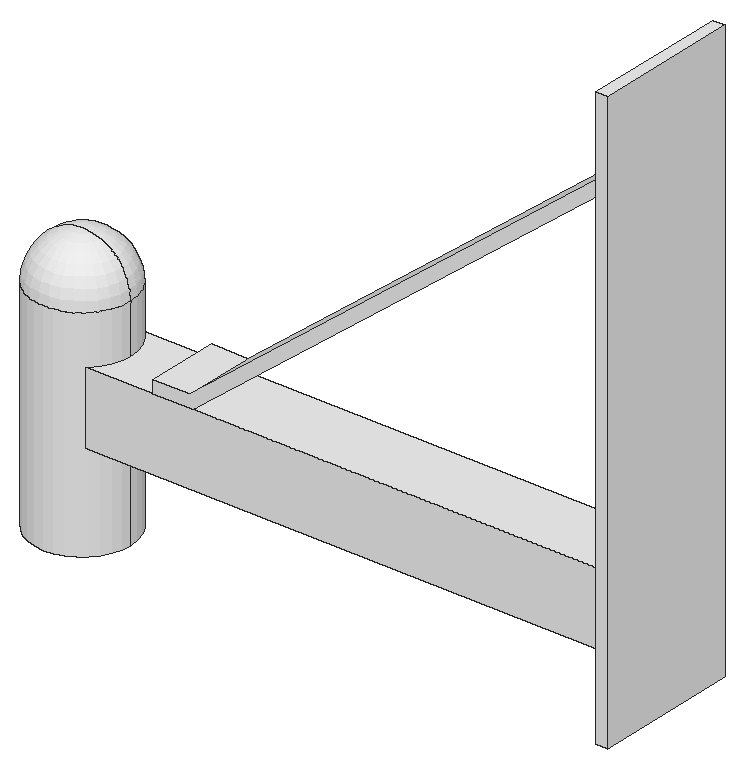
Revit family "WM318", category Generic Models, Revit 2017
Family settings
  Can host rebar = No
  Round Connector Dimension = Use Diameter
  Part Type = Normal
  Work Plane-Based = No
  Always vertical = Yes
  Cut with Voids When Loaded = No
  Shared = No
  Room Calculation Point = No
Parameters
  WM318 = Aluminum
Reference planes (in)
  plane 1 "Center (Front/Back)": y = 0
  plane 2: z = 0
  plane 3 "Center (Left/Right)": x = 0
  plane 4: y = 1.5
  plane 5: y = -1.5
Forms (in)
  Revolve 1, solid, material "Aluminum" <- "WM318"
    sketch origin (0, 0, 0) x (1, 0, 0) y (0, 0, 1)
      loop
        arc (6.13308, 7.89413) -> (5.42598, 7.60124) -> (5.13308, 6.89413) r 1
        line (5.13308, 6.89413) -> (5.13308, 2.39413) -> (5.25808, 2.39413) -> (5.25808, 6.89413)
        arc (5.25808, 6.89413) -> (5.51437, 7.51285) -> (6.13308, 7.76913) r 0.875
        line (6.13308, 7.76913) -> (6.13308, 7.89413)
      axis (6.13308, 7.89413) -> (6.13308, 2.39413)
    angle from 0 to 360
  Extrusion 2, solid, material "Aluminum" <- "WM318"
    sketch origin (0, 0, 0) x (1, 0, 0) y (0, 0, 1)
      loop
        line (17.88308, 15.18335) -> (17.88308, 3.18335) -> (18.13308, 3.18335) -> (18.13308, 15.18335) -> (17.88308, 15.18335)
    from -1.5 to 1.5
  Extrusion 3, solid, material "Aluminum" <- "WM318"
    sketch origin (0, 0, 0) x (1, 0, 0) y (0, 0, 1)
      loop
        line (8.93816, 6.14413) -> (8.18816, 6.14413) -> (8.18816, 5.89413) -> (8.93816, 5.89413)
        arc (8.93816, 5.89413) -> (9.03383, 5.91316) -> (9.11494, 5.96736) r 0.25
        line (9.11494, 5.96736) -> (17.80986, 13.13157)
        arc (17.80986, 13.13157) -> (17.86405, 13.21268) -> (17.88308, 13.30835) r 0.25
        line (17.88308, 13.30835) -> (17.88308, 14.05835) -> (17.63308, 14.05835) -> (17.63308, 13.30835) -> (8.93816, 6.14413)
    from -0.75 to 0.75
  Extrusion 4, solid, material "Aluminum" <- "WM318"
    sketch origin (13.99465, -14.74942, 0) x (0, 1, 0) y (0, 0, 1)
      loop
        line (15.49942, 5.89413) -> (13.99942, 5.89413) -> (13.99942, 4.39413) -> (15.49942, 4.39413) -> (15.49942, 5.89413)
      loop
        line (15.37442, 5.76913) -> (14.12442, 5.76913) -> (14.12442, 4.51913) -> (15.37442, 4.51913) -> (15.37442, 5.76913)
    from -7.21737 to 3.88843
Dimensions and locks (in)
  aligned and locked: plane 2 to level
